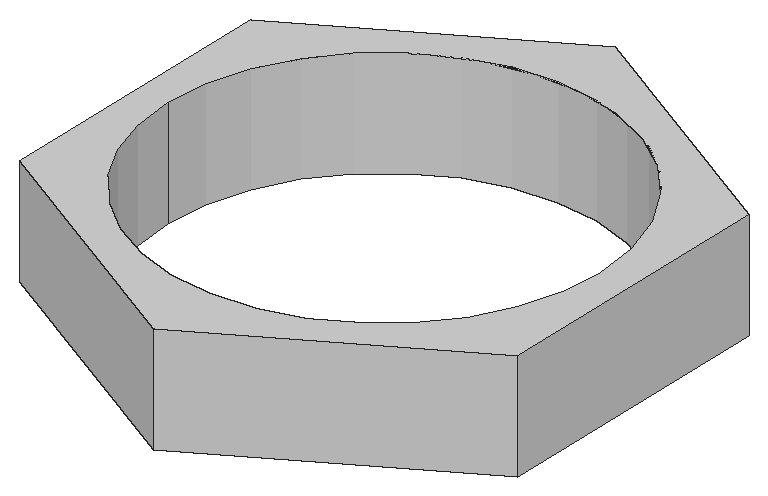
Revit family "QSS_Гайка", category Обобщенные модели, Revit 2019
Family settings
  Может служить основой для арматурных стержней = Нет
  Размер круглого соединителя = Использовать диаметр
  Тип детали = Нормальный
  На основе рабочей плоскости = Нет
  Всегда вертикально = Нет
  При загрузке вырезать с полостями = Нет
  Общий = Да
  Точка расчета площади = Нет
Parameters (values of type "QSS+_M20")
  Поиск в таблице имен = "QSS_Гайка"
  Материал_Корпус = Металл
  d2 [instance] = DN + 3 mm  # 23 mm
  DN [instance] = 20 mm
  ADSK_Наименование [instance] = size_lookup(Поиск в таблице имен, "ADSK_Наименование", "Нет в каталоге", DN)  # "Гайка М20"
  ADSK_Масса_Текст [instance] = ""
  ADSK_Масса [instance] = 0
  ADSK_Марка = ""
  ADSK_Код изделия [instance] = size_lookup(Поиск в таблице имен, "ADSK_Код изделия", "Решение не найдено", DN)  # "QSS-GAI-240989"
  ADSK_Завод-изготовитель = "Agpipe"  # constant formula
  ADSK_Единица измерения = "шт."  # constant formula
Types (3, lengths in mm): name | d2 | DN | ADSK_Наименование | ADSK_Код изделия
  QSS+_M10 | 13 | 10 | "Гайка М10" | "QSS-GAI-240331"
  QSS+_M16 | 19 | 16 | "Гайка М16" | "QSS-GAI-240406"
  QSS+_M20 | 23 | 20 | "Гайка М20" | "QSS-GAI-240989"
Reference planes
  plane 1 "По центру (Вперед/Назад)": y = 0
  plane 2: z = 0
  plane 3 "По центру (Влево/Вправо)": x = 0
Forms (mm)
  Extrusion 1, solid, material "Металл" <- "Материал_Корпус"
    sketch origin (0, 0, 0) x (1, 0, 0) y (0, 1, 0)
      loop
        circle (0, 0) r 10
      loop
        line (11.5, 6.64) -> (0, 13.279) -> (-11.5, 6.64) -> (-11.5, -6.64) -> (0, -13.279) -> (11.5, -6.64) -> (11.5, 6.64)
    from 0 to 5
Dimensions and locks
  equal spacing: Extrusion 1 sketch curve, plane 3 "По центру (Влево/Вправо)", Extrusion 1 sketch curve  (x3)
  "d2": Extrusion 1 sketch curve to Extrusion 1 sketch curve  (x3)
  "DN": diameter of Extrusion 1 sketch curve
  locked: Extrusion 1 sketch curve to Extrusion 1 sketch curve (angle 120.00°)  (x5)
  angle Extrusion 1 sketch curve to Extrusion 1 sketch curve = 120.00°
  aligned and locked: level to plane 2
Automatic sketch dimensions
  plane 1 "По центру (Вперед/Назад)" to Extrusion 1 sketch curve = 0 mm
  Extrusion 1 sketch curve to plane 3 "По центру (Влево/Вправо)" = 0 mm
